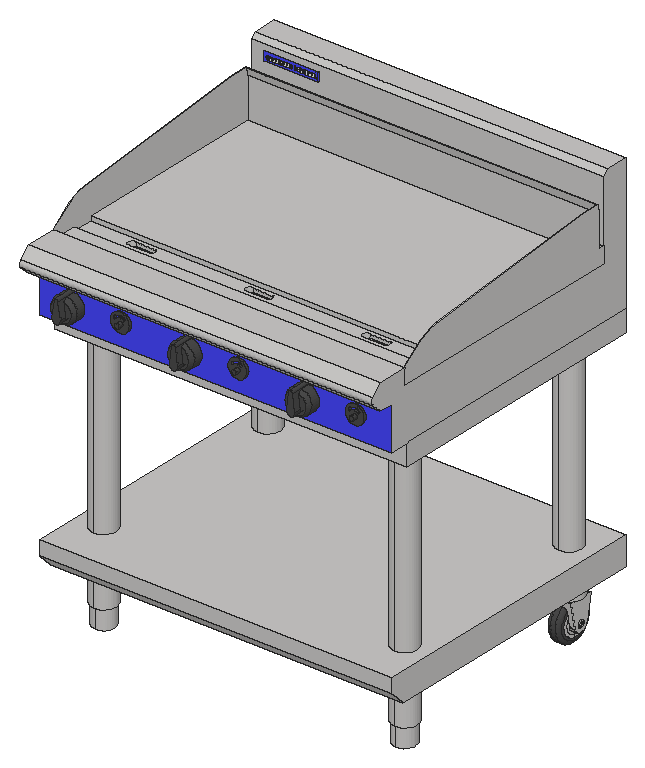
Revit family "QF_MOFFAT_BLUESEAL_CE_G516A-LS", category Specialty Equipment, Revit 2012
Parameters
  Width = 900 mm
  Weight in Pounds = 283  # constant formula
  URL Cutsheet = "www.moffat.com"
  URL = "www.moffat.com"
  Type Mark [instance] = ""
  Status [instance] = ""
  Specification by User [instance] = ""
  Specification by Manufacturer = ""
  Show Logo [instance] = yes
  Show Casters [instance] = yes
  Serial Number = ""
  Seismic Rating = ""
  SMACNA No = ""
  Revision Code [instance] = ""
  Omniclass Number and Title = ""
  NAFEM Spec ID Number = ""
  Model = "G514A-LS"
  Mechanical Remarks = ""
  Mechanical Connection Type = ""
  Masterspec = ""
  Manufacturer = "MOFFAT BLUESEAL"
  Legs [instance] = not(Show Casters)  # no
  Item Number [instance] = ""
  Installed By [instance] = ""
  Identify Quantity as Lot [instance] = yes
  Gas Size = 3/4"
  Gas RI Height = 0 mm
  Gas KW = 18
  Gas Input = 61200.0 Btu/h
  Gas Connection Height = 0 mm
  Furnished By [instance] = ""
  Foodservice Equipment Identifier [instance] = yes
  Description = "900MM GAS GRIDDLE PLATE ON LEG STAND"
  Depth = 812 mm
  CSI MasterFormat = ""
  CSI Master Format = ""
  Base Height [instance] = 150 mm
Reference planes
  plane 1 "BACK": y = 0
  plane 2: z = 0
  plane 3 "LEFT": x = 0
  plane 4 "RIGHT": x = 900
  plane 5 "FRONT": y = -812
  plane 6 "TOP": z = 970
  plane 7 "Center Y": x = 450
  plane 8 "Center X": y = -406
  plane 9 "Base Height": z = 150
  plane 10: z = 915
  plane 11: x = 770
  plane 12: z = 1085
  plane 13: x = 65.354
  plane 14: y = -625
  plane 15: y = -100
  plane 16: x = 834.646
  plane 17: z = 655
Forms (mm)
  Extrusion 1, solid, material "QF_Finishes_Stainless Steel"
    sketch origin (0, 0, 0) x (0, 1, 0) y (0, 0, 1)
      loop
        line (-749, 850) -> (-749, 740) -> (0, 740) -> (0, 1085) -> (-57.5, 1085) -> (-70, 1072.5) -> (-70, 875) -> (-705, 875) -> (-705, 915) -> (-783.97, 915) -> (-808.485, 890.485)
        arc (-808.485, 890.485) -> (-811.999, 882) -> (-808.485, 873.515) r 12
        line (-808.485, 873.515) -> (-784.97, 850) -> (-749, 850)
      loop
        line (0, 685) -> (0, 739.5) -> (-699, 739.5) -> (-699, 685) -> (0, 685)
      loop
        line (0, 222.5) -> (-749, 222.5) -> (-749, 186) -> (-713, 150) -> (0, 150) -> (0, 222.5)
    from 0 to 900
  Revolve 2, solid, material "QF_Finishes_Black"
    sketch origin (90, 7, 600) x (0, 1, 0) y (0, 0, -1)
      loop
        line (-789, -229.5) -> (-766, -229.5) -> (-766, -202) -> (-756, -202) -> (-756, -197) -> (-800, -197) -> (-800, -223.651) -> (-789, -229.5)
      axis (-800, -197) -> (-756, -197)
    angle from 0 to 360
  Extrusion 3, solid, material "QF_Finishes_Black"
    sketch origin (90, -759, 797) x (0, 0, 1) y (1, 0, 0)
      loop
        arc (32.192, -4.965) -> (37.079, 0.034) -> (32.192, 5.033) r 5
        line (32.192, 5.033) -> (-10.726, 10.453)
        arc (-10.726, 10.453) -> (-22.392, 0.618) -> (-11.893, -10.454) r 10.487
        line (-11.893, -10.454) -> (32.192, -4.965)
    from 0 to -49
  Extrusion 4, solid, material "QF_Finishes_Stainless Steel"
    sketch origin (0, 0, 222.5) x (0, -1, 0) y (1, 0, 0)
      loop
        circle (100, 65) r 31.75
      loop
        circle (625, 65) r 31.75
      loop
        circle (100, 835) r 31.75
      loop
        circle (625, 835) r 31.75
    from 0 to 462.5
  Revolve 5, solid, material "QF_Finishes_Stainless Steel", visible <- "Legs"
    sketch origin (65.5, -166, 0) x (0, 1, 0) y (0, 0, 1)
      loop
        line (34.25, 150) -> (34.25, 50) -> (38.5, 50) -> (38.5, 0) -> (66, 0) -> (66, 150) -> (34.25, 150)
      axis (66, 150) -> (66, 0)
    angle from 0 to 360
  Revolve 6, solid, material "QF_Finishes_Stainless Steel"
    sketch origin (65.5, -735, 0) x (0, 1, 0) y (0, 0, 1)
      loop
        line (78.25, 150) -> (78.25, 50) -> (82.5, 50) -> (82.5, 0) -> (110, 0) -> (110, 150) -> (78.25, 150)
      axis (110, 150) -> (110, 0)
    angle from 0 to 360
  Revolve 7, solid, material "QF_Finishes_Stainless Steel", visible <- "Legs"
    sketch origin (834.646, -166, -0.354) x (0, 1, 0) y (0, 0, -1)
      loop
        line (34.25, -150) -> (66, -150) -> (66, -0.354) -> (38.5, -0.354) -> (38.5, -50) -> (34.25, -50) -> (34.25, -150)
      axis (66, -150) -> (66, -0.354)
    angle from 0 to 360
  Revolve 8, solid, material "QF_Finishes_Stainless Steel"
    sketch origin (834.646, -728, -0.354) x (0, 1, 0) y (0, 0, -1)
      loop
        line (71.25, -150) -> (103, -150) -> (103, -0.354) -> (75.5, -0.354) -> (75.5, -50) -> (71.25, -50) -> (71.25, -150)
      axis (103, -150) -> (103, -0.354)
    angle from 0 to 360
  Revolve 9, solid, material "QF_Finishes_Stainless Steel", visible <- "Show Casters"
    sketch origin (16.276, -100.755, -12.8) x (1, 0, 0) y (0, 0, 1)
      loop
        line (14.841, 63.604) -> (83.584, 63.604) -> (83.584, 67.109) -> (82.314, 68.379) -> (80.79, 68.379) -> (80.79, 71.826) -> (68.644, 71.826) -> (68.644, 81.79) -> (65.088, 83.843) -> (63.738, 92.179) -> (65.881, 92.179) -> (65.881, 98.529) -> (65.088, 98.529) -> (65.088, 104.879)
        arc (65.088, 104.879) -> (62.298, 111.614) -> (55.563, 114.404) r 9.525
        line (55.563, 114.404) -> (42.863, 114.404)
        arc (42.863, 114.404) -> (36.127, 111.614) -> (33.338, 104.879) r 9.525
        line (33.338, 104.879) -> (33.338, 98.529) -> (32.544, 98.529) -> (32.544, 92.179) -> (34.687, 92.179) -> (33.352, 83.932) -> (29.782, 81.871) -> (29.782, 71.826) -> (17.635, 71.826) -> (17.635, 68.379) -> (16.111, 68.379) -> (14.841, 67.109) -> (14.841, 63.604)
      axis (14.841, 63.604) -> (83.584, 63.604)
    angle from 0 to 360
  Extrusion 10, solid, material "QF_Finishes_Stainless Steel", visible <- "Show Casters"
    sketch origin (72.001, 132.353, -8.783) x (0, 1, 0) y (0, 0, 1)
      loop
        line (-200.603, 118.783) -> (-264.103, 118.783) -> (-251.746, 53.895)
        arc (-251.746, 53.895) -> (-232.353, 38.783) -> (-212.959, 53.895) r 20
        line (-212.959, 53.895) -> (-200.603, 118.783)
    from -35.667 to 22.923
  Revolve 11, solid, material "QF_Finishes_Stainless Steel", visible <- "Show Casters"
    sketch origin (65.5, -204, 0) x (0, 1, 0) y (0, 0, 1)
      loop
        line (68.25, 150) -> (68.25, 110) -> (104, 110) -> (104, 150) -> (68.25, 150)
      axis (104, 150) -> (104, 110)
    angle from 0 to 360
  Revolve 12, solid, material "QF_Finishes_Stainless Steel", visible <- "Legs"
    sketch origin (65.5, -166, 0) x (0, 1, 0) y (0, 0, 1)
      loop
        line (34.25, 150) -> (34.25, 50) -> (38.5, 50) -> (38.5, 0) -> (66, 0) -> (66, 150) -> (34.25, 150)
      axis (66, 150) -> (66, 0)
    angle from 0 to 360
  Revolve 13, solid, material "QF_Finishes_Stainless Steel", visible <- "Show Casters"
    sketch origin (485.423, -100.755, -12.798) x (1, 0, 0) y (0, 0, 1)
      loop
        line (314.841, 63.604) -> (383.584, 63.604) -> (383.584, 67.109) -> (382.314, 68.379) -> (380.79, 68.379) -> (380.79, 71.826) -> (368.644, 71.826) -> (368.644, 81.79) -> (365.088, 83.843) -> (363.738, 92.179) -> (365.881, 92.179) -> (365.881, 98.529) -> (365.088, 98.529) -> (365.088, 104.879)
        arc (365.088, 104.879) -> (362.298, 111.614) -> (355.563, 114.404) r 9.525
        line (355.563, 114.404) -> (342.863, 114.404)
        arc (342.863, 114.404) -> (336.127, 111.614) -> (333.338, 104.879) r 9.525
        line (333.338, 104.879) -> (333.338, 98.529) -> (332.544, 98.529) -> (332.544, 92.179) -> (334.687, 92.179) -> (333.352, 83.932) -> (329.782, 81.871) -> (329.782, 71.826) -> (317.635, 71.826) -> (317.635, 68.379) -> (316.111, 68.379) -> (314.841, 67.109) -> (314.841, 63.604)
      axis (314.841, 63.604) -> (383.584, 63.604)
    angle from 0 to 360
  Extrusion 14, solid, material "QF_Finishes_Stainless Steel", visible <- "Show Casters"
    sketch origin (841.147, 132.353, -9.137) x (0, 1, 0) y (0, 0, 1)
      loop
        line (-200.603, 118.783) -> (-264.103, 118.783) -> (-251.746, 53.895)
        arc (-251.746, 53.895) -> (-232.353, 38.783) -> (-212.959, 53.895) r 20
        line (-212.959, 53.895) -> (-200.603, 118.783)
    from -35.667 to 22.923
  Revolve 15, solid, material "QF_Finishes_Stainless Steel", visible <- "Show Casters"
    sketch origin (834.646, -204, -0.354) x (0, 1, 0) y (0, 0, 1)
      loop
        line (68.25, 150) -> (68.25, 110) -> (104, 110) -> (104, 150) -> (68.25, 150)
      axis (104, 150) -> (104, 110)
    angle from 0 to 360
  Extrusion 16, solid, material "QF_Finishes_Stainless Steel"
    sketch origin (0, 0, 685) x (-1, 0, 0) y (0, 1, 0)
      loop
        circle (-770, -32) r 6.35
    from 0 to 30
  Revolve 17, solid, material "QF_Finishes_Black"
    sketch origin (390, 7, 600) x (0, 1, 0) y (0, 0, -1)
      loop
        line (-789, -229.5) -> (-766, -229.5) -> (-766, -202) -> (-756, -202) -> (-756, -197) -> (-800, -197) -> (-800, -223.651) -> (-789, -229.5)
      axis (-800, -197) -> (-756, -197)
    angle from 0 to 360
  Extrusion 18, solid, material "QF_Finishes_Black"
    sketch origin (390, -759, 797) x (0, 0, 1) y (1, 0, 0)
      loop
        arc (32.192, -4.965) -> (37.079, 0.034) -> (32.192, 5.033) r 5
        line (32.192, 5.033) -> (-10.726, 10.453)
        arc (-10.726, 10.453) -> (-22.392, 0.618) -> (-11.893, -10.454) r 10.487
        line (-11.893, -10.454) -> (32.192, -4.965)
    from 0 to -49
  Revolve 19, solid, material "QF_Finishes_Black"
    sketch origin (690, 7, 600) x (0, 1, 0) y (0, 0, -1)
      loop
        line (-789, -229.5) -> (-766, -229.5) -> (-766, -202) -> (-756, -202) -> (-756, -197) -> (-800, -197) -> (-800, -223.651) -> (-789, -229.5)
      axis (-800, -197) -> (-756, -197)
    angle from 0 to 360
  Extrusion 20, solid, material "QF_Finishes_Black"
    sketch origin (690, -759, 797) x (0, 0, 1) y (1, 0, 0)
      loop
        arc (32.192, -4.965) -> (37.079, 0.034) -> (32.192, 5.033) r 5
        line (32.192, 5.033) -> (-10.726, 10.453)
        arc (-10.726, 10.453) -> (-22.392, 0.618) -> (-11.893, -10.454) r 10.487
        line (-11.893, -10.454) -> (32.192, -4.965)
    from 0 to -49
  Extrusion 21, solid, material "QF_Finishes_Black"
    sketch origin (0, -749, 850) x (0, 0, -1) y (1, 0, 0)
      loop
        circle (53, 510) r 23.9
      loop
        circle (53, 810) r 23.9
      loop
        circle (53, 210) r 23.9
      loop
        arc (41.701, 224.079) -> (35.116, 209.341) -> (42.919, 195.209) r 18.095
        arc (42.919, 195.209) -> (47.641, 196.491) -> (46.326, 201.204) r 3.448
        arc (46.326, 201.204) -> (42.758, 209.683) -> (45.641, 218.419) r 13.109
        arc (45.641, 218.419) -> (46.501, 223.219) -> (41.701, 224.079) r 3.448
      loop
        arc (45.641, 518.419) -> (46.501, 523.219) -> (41.701, 524.079) r 3.448
        arc (41.701, 524.079) -> (35.116, 509.341) -> (42.919, 495.209) r 18.095
        arc (42.919, 495.209) -> (47.641, 496.491) -> (46.326, 501.204) r 3.448
        arc (46.326, 501.204) -> (42.758, 509.683) -> (45.641, 518.419) r 13.109
      loop
        arc (45.641, 818.419) -> (46.501, 823.219) -> (41.701, 824.079) r 3.448
        arc (41.701, 824.079) -> (35.116, 809.341) -> (42.919, 795.209) r 18.095
        arc (42.919, 795.209) -> (47.641, 796.491) -> (46.326, 801.204) r 3.448
        arc (46.326, 801.204) -> (42.758, 809.683) -> (45.641, 818.419) r 13.109
    from 0 to 5
  Extrusion 22, solid, material "QF_Finishes_Black"
    sketch origin (0, -754, 850) x (0, 0, -1) y (1, 0, 0)
      loop
        circle (56.5, 810) r 5.75
      loop
        circle (56.5, 510) r 5.75
      loop
        circle (56.5, 210) r 5.75
    from 0 to 10
Lines and regions (mm)
  Split face 1
    outline origin (0, -56.5, 1085) x (0, 1, 0) y (-1, 0, 0)
      loop
        line (11.115, -338.041) -> (11.115, -566)
        arc (11.115, -566) -> (16.115, -574.66) -> (26.115, -574.66) r 10
        line (26.115, -574.66) -> (33.115, -570.619)
        arc (33.115, -570.619) -> (36.775, -566.959) -> (38.115, -561.959) r 10
        line (38.115, -561.959) -> (38.115, -334)
        arc (38.115, -334) -> (33.115, -325.34) -> (23.115, -325.34) r 10
        line (23.115, -325.34) -> (16.115, -329.381)
        arc (16.115, -329.381) -> (12.455, -333.041) -> (11.115, -338.041) r 10
  Split face 2
    outline origin (0, -56.5, 1085) x (0, 1, 0) y (-1, 0, 0)
      loop
        line (38.115, -851.959) -> (38.115, -624)
        arc (38.115, -624) -> (33.115, -615.34) -> (23.115, -615.34) r 10
        line (23.115, -615.34) -> (16.115, -619.381)
        arc (16.115, -619.381) -> (12.455, -623.041) -> (11.115, -628.041) r 10
        line (11.115, -628.041) -> (11.115, -856)
        arc (11.115, -856) -> (16.115, -864.66) -> (26.115, -864.66) r 10
        line (26.115, -864.66) -> (33.115, -860.619)
        arc (33.115, -860.619) -> (36.775, -856.959) -> (38.115, -851.959) r 10
  Split face 3
    outline origin (0, -56.5, 1085) x (0, 1, 0) y (-1, 0, 0)
      loop
        line (11.115, -48.041) -> (11.115, -276)
        arc (11.115, -276) -> (16.115, -284.66) -> (26.115, -284.66) r 10
        line (26.115, -284.66) -> (33.115, -280.619)
        arc (33.115, -280.619) -> (36.775, -276.959) -> (38.115, -271.959) r 10
        line (38.115, -271.959) -> (38.115, -44)
        arc (38.115, -44) -> (33.115, -35.34) -> (23.115, -35.34) r 10
        line (23.115, -35.34) -> (16.115, -39.381)
        arc (16.115, -39.381) -> (12.455, -43.041) -> (11.115, -48.041) r 10
  symbolic lines, style "SpecialityEquipmentHiddenLines", visible <- "Show Casters"
    curve 1: line (78.456, -46.735, 0) -> (105.952, -62.61, 0)
    curve 2: line (27.656, -134.723, 0) -> (78.456, -46.735, 0)
    curve 3: line (55.152, -150.598, 0) -> (27.656, -134.723, 0)
    curve 4: line (105.952, -62.61, 0) -> (55.152, -150.598, 0)
    curve 5: line (848.456, -46.735, 0) -> (875.952, -62.61, 0)
    curve 6: line (797.656, -134.723, 0) -> (848.456, -46.735, 0)
    curve 7: line (825.152, -150.598, 0) -> (797.656, -134.723, 0)
    curve 8: line (875.952, -62.61, 0) -> (825.152, -150.598, 0)
  symbolic lines
    curve 9: line (0, -783.97, 0) -> (900, -783.97, 0)
    curve 10: line (0, 0, 0) -> (0, -811.999, 0)
    curve 11: line (900, -811.999, 0) -> (900, 0, 0)
    curve 12: line (900, -811.999, 0) -> (0, -811.999, 0)
    curve 13: line (0, -70, 0) -> (900, -70, 0)
    curve 14: line (0, -57.5, 0) -> (900, -57.5, 0)
    curve 15: line (900, 0, 0) -> (0, 0, 0)
    curve 16: line (561.959, -18.385, 0) -> (334, -18.385, 0)
    curve 17: arc (334, -18.385, 0) -> (325.34, -23.385, 0) -> (325.34, -33.385, 0) r 10
    curve 18: line (325.34, -33.385, 0) -> (329.381, -40.385, 0)
    curve 19: arc (329.381, -40.385, 0) -> (333.041, -44.045, 0) -> (338.041, -45.385, 0) r 10
    curve 20: line (338.041, -45.385, 0) -> (566, -45.385, 0)
    curve 21: arc (566, -45.385, 0) -> (574.66, -40.385, 0) -> (574.66, -30.385, 0) r 10
    curve 22: line (574.66, -30.385, 0) -> (570.619, -23.385, 0)
    curve 23: arc (570.619, -23.385, 0) -> (566.959, -19.725, 0) -> (561.959, -18.385, 0) r 10
    curve 24: line (851.959, -18.385, 0) -> (624, -18.385, 0)
    curve 25: arc (624, -18.385, 0) -> (615.34, -23.385, 0) -> (615.34, -33.385, 0) r 10
    curve 26: line (615.34, -33.385, 0) -> (619.381, -40.385, 0)
    curve 27: arc (619.381, -40.385, 0) -> (623.041, -44.045, 0) -> (628.041, -45.385, 0) r 10
    curve 28: line (628.041, -45.385, 0) -> (856, -45.385, 0)
    curve 29: arc (856, -45.385, 0) -> (864.66, -40.385, 0) -> (864.66, -30.385, 0) r 10
    curve 30: line (864.66, -30.385, 0) -> (860.619, -23.385, 0)
    curve 31: arc (860.619, -23.385, 0) -> (856.959, -19.725, 0) -> (851.959, -18.385, 0) r 10
    curve 32: line (271.959, -18.385, 0) -> (44, -18.385, 0)
    curve 33: arc (44, -18.385, 0) -> (35.34, -23.385, 0) -> (35.34, -33.385, 0) r 10
    curve 34: line (35.34, -33.385, 0) -> (39.381, -40.385, 0)
    curve 35: arc (39.381, -40.385, 0) -> (43.041, -44.045, 0) -> (48.041, -45.385, 0) r 10
    curve 36: line (48.041, -45.385, 0) -> (276, -45.385, 0)
    curve 37: arc (276, -45.385, 0) -> (284.66, -40.385, 0) -> (284.66, -30.385, 0) r 10
    curve 38: line (284.66, -30.385, 0) -> (280.619, -23.385, 0)
    curve 39: arc (280.619, -23.385, 0) -> (276.959, -19.725, 0) -> (271.959, -18.385, 0) r 10
    curve 40: line (0, -705, 0) -> (900, -705, 0)
Dimensions and locks
  equal spacing: plane 3 "LEFT", plane 7 "Center Y", plane 4 "RIGHT"
  "Width": plane 3 "LEFT" to plane 4 "RIGHT"
  equal spacing: plane 5 "FRONT", plane 8 "Center X", plane 1 "BACK"
  "Depth": plane 5 "FRONT" to plane 1 "BACK"
  equal spacing: plane 4 "RIGHT", plane 7 "Center Y", plane 3 "LEFT"
  plane 4 "RIGHT" to plane 3 "LEFT" = 900 mm
  plane 5 "FRONT" to plane 1 "BACK" = 812 mm
  "Base Height": plane 9 "Base Height" to level
  plane 6 "TOP" to level = 970 mm
  plane 10 to level = 915 mm
  plane 11 to plane 4 "RIGHT" = 130 mm
  plane 12 to plane 2 = 1085 mm
  Revolve 9 sketch curve to Revolve 9 sketch curve = 50.8 mm
  Revolve 13 sketch curve to Revolve 13 sketch curve = 50.8 mm
  plane 15 to plane 14 = 525 mm
  plane 17 to plane 2 = 655 mm
  Extrusion 16 sketch curve to plane 1 "BACK" = 32 mm
  aligned and locked: level to plane 2
Automatic sketch dimensions
  plane 1 "BACK" to curve 15 = 0 mm
  curve 15 to plane 3 "LEFT" = 0 mm
  curve 11 to plane 4 "RIGHT" = 0 mm
  plane 3 "LEFT" to curve 2 = 27.656 mm
  plane 13 to curve 34 = 30.014 mm
  curve 34 to curve 34 = 4.041 mm
  curve 33 to curve 33 = 8.66 mm
  curve 34 to curve 35 = 8.66 mm
  plane 13 to curve 3 = 10.202 mm
  curve 1 to plane 13 = 13.102 mm
  plane 1 "BACK" to curve 39 = 18.385 mm
  curve 1 to curve 39 = 166.007 mm
  curve 39 to curve 37 = 4.041 mm
  curve 32 to curve 39 = 8.66 mm
  plane 1 "BACK" to curve 38 = 30.385 mm
  curve 38 to curve 38 = 4.041 mm
  plane 1 "BACK" to curve 18 = 33.385 mm
  curve 38 to curve 18 = 40.679 mm
  curve 18 to curve 19 = 4.041 mm
  curve 17 to curve 16 = 8.66 mm
  curve 17 to curve 19 = 4.041 mm
  plane 1 "BACK" to curve 23 = 28.385 mm
  plane 7 "Center Y" to curve 23 = 111.959 mm
  curve 23 to curve 20 = 4.041 mm
  curve 16 to curve 23 = 8.66 mm
  curve 23 to curve 21 = 4.041 mm
  plane 1 "BACK" to curve 26 = 33.385 mm
  curve 22 to curve 26 = 40.679 mm
  curve 26 to curve 27 = 4.041 mm
  curve 25 to curve 24 = 8.66 mm
  curve 26 to curve 27 = 8.66 mm
  plane 11 to curve 6 = 27.656 mm
  curve 8 to plane 16 = 9.494 mm
  plane 16 to curve 6 = 13.809 mm
  plane 16 to curve 24 = 17.312 mm
  curve 5 to curve 28 = 7.544 mm
  curve 31 to curve 31 = 8.66 mm
  curve 31 to curve 29 = 4.041 mm
  curve 33 to curve 32 = 15 mm
  curve 27 to curve 25 = 2 mm
  curve 37 to curve 37 = 5 mm
  curve 35 to curve 33 = 7 mm
  plane 1 "BACK" to curve 29 = 35.385 mm
  curve 21 to curve 23 = 7 mm
  curve 19 to curve 17 = 2 mm
  curve 27 to curve 26 = 7 mm
  curve 18 to curve 18 = 7 mm
  curve 1 to curve 36 = 1.35 mm
  curve 6 to curve 28 = 1.35 mm
  curve 14 to plane 15 = 42.5 mm
  curve 5 to curve 14 = 5.11 mm
  curve 4 to curve 1 = 15.875 mm
  curve 13 to curve 14 = 12.5 mm
  plane 14 to curve 40 = 80 mm
  curve 9 to plane 5 "FRONT" = 28.03 mm
  curve 12 to plane 5 "FRONT" = 0.001 mm
  curve 27 to curve 25 = 7 mm
  curve 19 to curve 17 = 7 mm
  curve 29 to curve 31 = 7 mm
  curve 37 to curve 39 = 7 mm
  plane 10 to Extrusion 1 sketch curve = 0 mm
  Extrusion 1 sketch curve to plane 9 "Base Height" = 0 mm
  plane 12 to Extrusion 1 sketch curve = 0 mm
  Extrusion 1 sketch curve to plane 1 "BACK" = 0 mm  (x3)
  Extrusion 1 sketch curve to plane 15 = 42.5 mm
  plane 12 to Extrusion 1 sketch curve = 12.5 mm
  Extrusion 1 sketch curve to Extrusion 1 sketch curve = 12.5 mm
  plane 17 to Extrusion 1 sketch curve = 30 mm
  plane 14 to Extrusion 1 sketch curve = 74 mm
  plane 14 to Extrusion 1 sketch curve = 80 mm
  plane 14 to Extrusion 1 sketch curve = 88 mm
  Extrusion 1 sketch curve to Extrusion 1 sketch curve = 44 mm
  Extrusion 1 sketch curve to Extrusion 1 sketch curve = 36 mm
  Extrusion 1 sketch curve to plane 5 "FRONT" = 28.03 mm
  Extrusion 1 sketch curve to plane 5 "FRONT" = 27.03 mm
  Extrusion 1 sketch curve to plane 5 "FRONT" = 12.001 mm
  Extrusion 1 sketch curve to plane 5 "FRONT" = 3.515 mm  (x2)
  plane 9 "Base Height" to Extrusion 1 sketch curve = 36 mm
  plane 9 "Base Height" to Extrusion 1 sketch curve = 72.5 mm
  Extrusion 1 sketch curve to Extrusion 1 sketch curve = 54.5 mm
  Extrusion 1 sketch curve to Extrusion 1 sketch curve = 0.5 mm
  plane 10 to Extrusion 1 sketch curve = 65 mm
  Extrusion 1 sketch curve to Extrusion 1 sketch curve = 23.515 mm
  plane 10 to Extrusion 1 sketch curve = 40 mm
  Extrusion 1 sketch curve to Extrusion 1 sketch curve = 8.485 mm
  Revolve 2 sketch curve to plane 5 "FRONT" = 19 mm
  Revolve 2 sketch curve to Revolve 2 sketch curve = 0 mm  (x2)
  Revolve 2 sketch curve to Revolve 2 sketch curve = 11 mm
  Revolve 2 sketch curve to Revolve 2 sketch curve = 12.7 mm
  Revolve 2 sketch curve to Revolve 2 sketch curve = 23 mm
  Revolve 2 sketch curve to Revolve 2 sketch curve = 10 mm
  plane 10 to Revolve 2 sketch curve = 85.5 mm
  Revolve 2 sketch curve to Revolve 2 sketch curve = 5.849 mm
  Revolve 2 sketch curve to Revolve 2 sketch curve = 27.5 mm
  Revolve 2 sketch curve to Revolve 2 sketch curve = 5 mm
  Extrusion 3 sketch curve to Revolve 2 = 0.034 mm  (x2)
  Revolve 2 to Extrusion 3 sketch curve = 10.454 mm
  Extrusion 3 sketch curve to Extrusion 3 sketch curve = 0.028 mm
  Extrusion 3 sketch curve to Revolve 2 = 10.453 mm
  Extrusion 3 sketch curve to Extrusion 3 sketch curve = 44 mm
  Extrusion 3 sketch curve to Revolve 2 = 5.033 mm
  Extrusion 3 sketch curve to Extrusion 3 sketch curve = 0.113 mm
  Revolve 2 to Extrusion 3 sketch curve = 4.965 mm
  Extrusion 4 sketch curve to Extrusion 4 sketch curve = 0 mm  (x8)
  Extrusion 1 to Extrusion 4 sketch curve = 68.25 mm  (x2)
  Extrusion 4 sketch curve to Extrusion 4 sketch curve = 31.75 mm  (x4)
  Extrusion 4 sketch curve to Extrusion 1 = 155.75 mm  (x2)
  Extrusion 1 to Extrusion 4 sketch curve = 65 mm  (x4)
  Revolve 5 sketch curve to plane 9 "Base Height" = 0 mm
  Revolve 5 sketch curve to level = 0 mm
  Revolve 5 sketch curve to plane 15 = 0 mm  (x2)
  plane 15 to Revolve 5 sketch curve = 27.5 mm
  plane 15 to Revolve 5 sketch curve = 31.75 mm
  Revolve 5 sketch curve to Revolve 5 sketch curve = 55 mm
  level to Revolve 5 sketch curve = 50 mm
  Revolve 5 sketch curve to Revolve 5 sketch curve = 0 mm
  Revolve 6 sketch curve to plane 9 "Base Height" = 0 mm
  Revolve 6 sketch curve to level = 0 mm
  Revolve 6 sketch curve to plane 14 = 0 mm  (x2)
  Revolve 6 sketch curve to Revolve 6 sketch curve = 27.5 mm
  Revolve 6 sketch curve to Revolve 6 sketch curve = 31.75 mm
  Revolve 6 sketch curve to Revolve 6 sketch curve = 55 mm
  level to Revolve 6 sketch curve = 50 mm
  Revolve 6 sketch curve to Revolve 6 sketch curve = 0 mm
  Revolve 7 sketch curve to level = 0 mm
  Revolve 7 sketch curve to plane 15 = 0 mm  (x2)
  plane 15 to Revolve 7 sketch curve = 27.5 mm
  Revolve 7 sketch curve to plane 9 "Base Height" = 0.354 mm
  plane 15 to Revolve 7 sketch curve = 31.75 mm
  level to Revolve 7 sketch curve = 49.646 mm
  Revolve 7 sketch curve to Revolve 7 sketch curve = 0 mm
  Revolve 7 sketch curve to level = 55.354 mm
  Revolve 8 sketch curve to level = 0 mm
  Revolve 8 sketch curve to plane 14 = 0 mm  (x2)
  Revolve 8 sketch curve to Revolve 8 sketch curve = 27.5 mm
  Revolve 8 sketch curve to plane 9 "Base Height" = 0.354 mm
  plane 14 to Revolve 8 sketch curve = 31.75 mm
  level to Revolve 8 sketch curve = 49.646 mm
  Revolve 8 sketch curve to Revolve 8 sketch curve = 0 mm
  Revolve 8 sketch curve to Revolve 8 sketch curve = 55.354 mm
  plane 3 "LEFT" to Revolve 9 sketch curve = 31.118 mm
  Revolve 9 sketch curve to Revolve 9 sketch curve = 1.27 mm  (x4)
  Revolve 9 sketch curve to Revolve 9 sketch curve = 1.524 mm  (x2)
  Revolve 9 sketch curve to Revolve 9 sketch curve = 12.146 mm  (x2)
  plane 13 to Revolve 9 sketch curve = 16.533 mm
  Revolve 9 sketch curve to Revolve 9 sketch curve = 0.794 mm  (x2)
  Revolve 9 sketch curve to Revolve 9 sketch curve = 3.57 mm
  Revolve 9 sketch curve to Revolve 9 sketch curve = 2.143 mm
  plane 13 to Revolve 9 sketch curve = 6.215 mm
  Revolve 9 sketch curve to plane 13 = 5.276 mm
  Revolve 9 sketch curve to plane 13 = 6.485 mm
  Revolve 9 sketch curve to plane 13 = 14.661 mm
  Revolve 9 sketch curve to Revolve 9 sketch curve = 1.349 mm  (x2)
  Revolve 9 sketch curve to Revolve 9 sketch curve = 3.556 mm
  Revolve 9 sketch curve to Revolve 9 sketch curve = 33.32 mm
  level to Revolve 9 sketch curve = 50.804 mm
  Revolve 9 sketch curve to Revolve 9 sketch curve = 0 mm
  Revolve 9 sketch curve to Revolve 9 sketch curve = 3.505 mm  (x2)
  Revolve 9 sketch curve to Revolve 9 sketch curve = 3.447 mm  (x2)
  Revolve 9 sketch curve to Revolve 9 sketch curve = 9.964 mm
  Revolve 9 sketch curve to Revolve 9 sketch curve = 10.045 mm
  Revolve 9 sketch curve to Revolve 9 sketch curve = 2.053 mm
  Revolve 9 sketch curve to Revolve 9 sketch curve = 2.061 mm
  Revolve 9 sketch curve to Revolve 9 sketch curve = 8.247 mm
  Revolve 9 sketch curve to Revolve 9 sketch curve = 8.336 mm
  Revolve 9 sketch curve to Revolve 9 sketch curve = 6.35 mm  (x2)
  Extrusion 10 sketch curve to plane 15 = 0 mm
  plane 15 to Extrusion 10 sketch curve = 19.393 mm
  plane 15 to Extrusion 10 sketch curve = 31.75 mm
  Extrusion 10 sketch curve to plane 15 = 19.393 mm
  Extrusion 10 sketch curve to plane 15 = 31.75 mm
  level to Extrusion 10 sketch curve = 45.111 mm
  Extrusion 10 sketch curve to Extrusion 10 sketch curve = 4.889 mm
  Extrusion 10 sketch curve to plane 9 "Base Height" = 40 mm
  Revolve 11 sketch curve to plane 9 "Base Height" = 0 mm
  Revolve 11 sketch curve to plane 15 = 0 mm  (x2)
  plane 15 to Revolve 11 sketch curve = 35.75 mm
  Revolve 11 sketch curve to Revolve 11 sketch curve = 40 mm
  level to Revolve 11 sketch curve = 50 mm
  Revolve 11 sketch curve to level = 55 mm
  Revolve 12 sketch curve to plane 9 "Base Height" = 0 mm
  Revolve 12 sketch curve to level = 0 mm
  Revolve 12 sketch curve to plane 15 = 0 mm  (x2)
  plane 15 to Revolve 12 sketch curve = 27.5 mm
  plane 15 to Revolve 12 sketch curve = 31.75 mm
  Revolve 12 sketch curve to Revolve 12 sketch curve = 55 mm
  level to Revolve 12 sketch curve = 50 mm
  Revolve 12 sketch curve to Revolve 12 sketch curve = 0 mm
  plane 11 to Revolve 13 sketch curve = 30.264 mm
  Revolve 13 sketch curve to Revolve 13 sketch curve = 1.27 mm  (x4)
  Revolve 13 sketch curve to Revolve 13 sketch curve = 1.524 mm  (x2)
  Revolve 13 sketch curve to Revolve 13 sketch curve = 12.146 mm  (x2)
  Revolve 13 sketch curve to plane 16 = 16.68 mm
  Revolve 13 sketch curve to Revolve 13 sketch curve = 0.794 mm  (x2)
  Revolve 13 sketch curve to Revolve 13 sketch curve = 3.57 mm
  Revolve 13 sketch curve to Revolve 13 sketch curve = 2.143 mm
  Revolve 13 sketch curve to plane 16 = 6.361 mm
  plane 16 to Revolve 13 sketch curve = 5.13 mm
  plane 16 to Revolve 13 sketch curve = 6.339 mm
  plane 16 to Revolve 13 sketch curve = 14.515 mm
  Revolve 13 sketch curve to Revolve 13 sketch curve = 1.349 mm  (x2)
  Revolve 13 sketch curve to Revolve 13 sketch curve = 3.556 mm
  Revolve 13 sketch curve to plane 4 "RIGHT" = 2.327 mm
  level to Revolve 13 sketch curve = 50.806 mm
  Revolve 13 sketch curve to Revolve 13 sketch curve = 0 mm
  Revolve 13 sketch curve to Revolve 13 sketch curve = 3.505 mm  (x2)
  Revolve 13 sketch curve to Revolve 13 sketch curve = 3.447 mm  (x2)
  Revolve 13 sketch curve to Revolve 13 sketch curve = 9.964 mm
  Revolve 13 sketch curve to Revolve 13 sketch curve = 10.045 mm
  Revolve 13 sketch curve to Revolve 13 sketch curve = 2.053 mm
  Revolve 13 sketch curve to Revolve 13 sketch curve = 2.061 mm
  Revolve 13 sketch curve to Revolve 13 sketch curve = 8.247 mm
  Revolve 13 sketch curve to Revolve 13 sketch curve = 8.336 mm
  Revolve 13 sketch curve to Revolve 13 sketch curve = 6.35 mm  (x2)
  Extrusion 14 sketch curve to plane 15 = 0 mm
  plane 15 to Extrusion 14 sketch curve = 19.393 mm
  plane 15 to Extrusion 14 sketch curve = 31.75 mm
  Extrusion 14 sketch curve to plane 15 = 19.393 mm
  Extrusion 14 sketch curve to plane 15 = 31.75 mm
  level to Extrusion 14 sketch curve = 44.758 mm
  Extrusion 14 sketch curve to Extrusion 14 sketch curve = 4.889 mm
  Extrusion 14 sketch curve to plane 9 "Base Height" = 40.354 mm
  Revolve 15 sketch curve to plane 15 = 0 mm  (x2)
  Revolve 15 sketch curve to plane 9 "Base Height" = 0.354 mm
  plane 15 to Revolve 15 sketch curve = 35.75 mm
  Revolve 15 sketch curve to Revolve 15 sketch curve = 40 mm
  level to Revolve 15 sketch curve = 49.646 mm
  Revolve 15 sketch curve to level = 55.354 mm
  Extrusion 16 sketch curve to Extrusion 16 sketch curve = 0 mm
  Extrusion 16 sketch curve to Extrusion 1 = 38.35 mm
  Extrusion 16 sketch curve to Extrusion 1 = 130 mm
  Split face 1 sketch curve to Extrusion 1 = 12.115 mm
  Split face 1 sketch curve to Split face 1 sketch curve = 5 mm  (x2)
  Split face 1 sketch curve to Split face 1 sketch curve = 10 mm  (x3)
  Split face 1 sketch curve to Split face 1 sketch curve = 7 mm  (x4)
  Split face 1 sketch curve to Extrusion 1 = 325.34 mm
  Split face 1 sketch curve to Split face 1 sketch curve = 4.041 mm  (x2)
  Split face 1 sketch curve to Split face 1 sketch curve = 223.917 mm
  Split face 2 sketch curve to Extrusion 1 = 12.115 mm
  Split face 2 sketch curve to Split face 2 sketch curve = 5 mm  (x2)
  Split face 2 sketch curve to Split face 2 sketch curve = 10 mm  (x3)
  Split face 2 sketch curve to Split face 2 sketch curve = 7 mm  (x4)
  Split face 2 sketch curve to Extrusion 1 = 35.34 mm
  Split face 2 sketch curve to Split face 2 sketch curve = 4.041 mm  (x2)
  Split face 2 sketch curve to Split face 2 sketch curve = 223.917 mm
  Split face 3 sketch curve to Extrusion 1 = 12.115 mm
  Split face 3 sketch curve to Split face 3 sketch curve = 5 mm  (x3)
  Split face 3 sketch curve to Split face 3 sketch curve = 10 mm  (x2)
  Split face 3 sketch curve to Split face 3 sketch curve = 7 mm  (x4)
  Split face 3 sketch curve to Extrusion 1 = 284.66 mm
  Split face 3 sketch curve to Split face 3 sketch curve = 4.041 mm  (x2)
  Split face 3 sketch curve to Extrusion 1 = 48.041 mm
  Revolve 17 sketch curve to plane 5 "FRONT" = 19 mm
  Revolve 17 sketch curve to Revolve 17 sketch curve = 0 mm  (x2)
  Revolve 17 sketch curve to Revolve 17 sketch curve = 11 mm
  Revolve 17 sketch curve to Revolve 17 sketch curve = 12.7 mm
  Revolve 17 sketch curve to Revolve 17 sketch curve = 23 mm
  Revolve 17 sketch curve to Revolve 17 sketch curve = 10 mm
  plane 10 to Revolve 17 sketch curve = 85.5 mm
  Revolve 17 sketch curve to Revolve 17 sketch curve = 5.849 mm
  Revolve 17 sketch curve to Revolve 17 sketch curve = 27.5 mm
  Revolve 17 sketch curve to Revolve 17 sketch curve = 5 mm
  Extrusion 18 sketch curve to Revolve 17 = 0.034 mm  (x2)
  Revolve 17 to Extrusion 18 sketch curve = 10.454 mm
  Extrusion 18 sketch curve to Extrusion 18 sketch curve = 0.028 mm
  Extrusion 18 sketch curve to Revolve 17 = 10.453 mm
  Extrusion 18 sketch curve to Extrusion 18 sketch curve = 44 mm
  Extrusion 18 sketch curve to Revolve 17 = 5.033 mm
  Extrusion 18 sketch curve to Extrusion 18 sketch curve = 0.113 mm
  Revolve 17 to Extrusion 18 sketch curve = 4.965 mm
  Revolve 19 sketch curve to plane 5 "FRONT" = 19 mm
  Revolve 19 sketch curve to Revolve 19 sketch curve = 0 mm  (x2)
  Revolve 19 sketch curve to Revolve 19 sketch curve = 11 mm
  Revolve 19 sketch curve to Revolve 19 sketch curve = 12.7 mm
  Revolve 19 sketch curve to Revolve 19 sketch curve = 23 mm
  Revolve 19 sketch curve to Revolve 19 sketch curve = 10 mm
  plane 10 to Revolve 19 sketch curve = 85.5 mm
  Revolve 19 sketch curve to Revolve 19 sketch curve = 5.849 mm
  Revolve 19 sketch curve to Revolve 19 sketch curve = 27.5 mm
  Revolve 19 sketch curve to Revolve 19 sketch curve = 5 mm
  Extrusion 20 sketch curve to Revolve 19 = 0.034 mm  (x2)
  Revolve 19 to Extrusion 20 sketch curve = 10.454 mm
  Extrusion 20 sketch curve to Extrusion 20 sketch curve = 0.028 mm
  Extrusion 20 sketch curve to Revolve 19 = 10.453 mm
  Extrusion 20 sketch curve to Extrusion 20 sketch curve = 44 mm
  Extrusion 20 sketch curve to Revolve 19 = 5.033 mm
  Extrusion 20 sketch curve to Extrusion 20 sketch curve = 0.113 mm
  Revolve 19 to Extrusion 20 sketch curve = 4.965 mm
  Extrusion 21 sketch curve to Extrusion 1 = 41.701 mm
  Extrusion 21 sketch curve to Extrusion 21 sketch curve = 1.218 mm
  Extrusion 21 sketch curve to Extrusion 21 sketch curve = 1.97 mm  (x6)
  Extrusion 21 sketch curve to Extrusion 21 sketch curve = 1.724 mm  (x3)
  Extrusion 21 sketch curve to Extrusion 21 sketch curve = 1.683 mm  (x3)
  Extrusion 21 sketch curve to Extrusion 21 sketch curve = 6.674 mm
  Extrusion 21 sketch curve to Extrusion 1 = 53 mm  (x2)
  Extrusion 21 sketch curve to Extrusion 21 sketch curve = 0.195 mm  (x3)
  Extrusion 21 sketch curve to Extrusion 21 sketch curve = 2.662 mm  (x3)
  Extrusion 1 to Extrusion 21 sketch curve = 195.209 mm
  Extrusion 21 sketch curve to Extrusion 21 sketch curve = 2.986 mm  (x3)
  Extrusion 21 sketch curve to Extrusion 21 sketch curve = 8.796 mm
  Extrusion 21 sketch curve to Extrusion 21 sketch curve = 0.103 mm  (x3)
  Extrusion 21 sketch curve to Extrusion 21 sketch curve = 0.102 mm  (x3)
  Extrusion 21 sketch curve to Extrusion 21 sketch curve = 285.921 mm
  Extrusion 1 to Extrusion 21 sketch curve = 90 mm
  Extrusion 21 sketch curve to Extrusion 21 sketch curve = 11.299 mm  (x2)
  Extrusion 21 sketch curve to Extrusion 21 sketch curve = 10.081 mm  (x2)
  Extrusion 21 sketch curve to Extrusion 21 sketch curve = 14.791 mm  (x2)
  radius of Extrusion 21 sketch curve = 23.9 mm  (x3)
Nested families
  nested 1: "WALDORF LOGO_FACE BASE" at (32, -70, 1057.475) x (1, 0, 0) z (0, -1, 0), visible <- "Show Logo", type "WALDORF LOGO_FACE BASE", detail levels medium+fine
    with Show Logo yes
  nested 2: "GAS GRIDDLE PLATE 900" at (0, -85.003, 875), type "GAS GRIDDLE PLATE 900"
    with Width 900 mm, Type Mark "", Status "", Specification by User "", Revision Code "", Item Number "", Installed By "", Identify Quantity as Lot yes, Furnished By "", Foodservice Equipment Identifier yes, Depth 620 mm
Connectors
  piping at (770, -32, 655)
    settings: on Extrusion 16, index 1, connector radius 0.37402", flow factor 0, pipe flow 0 GPM, pressure drop 0.00 psi, fitting loss kfactor 0, connector angle 0.00°, fixture units 0, engagement length 0 mm, flow configuration 1, flow direction 1, fitting loss method 0, system type 7, joint type 0, gender type 0, connector reference index -1, connector utility 0, adjustable connector no, is connector primary yes, fitting loss table "", connector description "GAS CONNECTION"
Definition of nested family "WALDORF LOGO_FACE BASE"
  Parameters (values of type "WALDORF LOGO_FACE BASE")
    Show Logo [instance] = yes
    Default Elevation = 1219.2 mm
  Reference planes
    plane 1 "Center (Front/Back)": y = 0
    plane 2: z = 0
    plane 3 "Center (Left/Right)": x = 0
  Forms (mm)
    Extrusion 1, solid
      sketch origin (0, 0, 0) x (1, 0, 0) y (0, 1, 0)
        loop
          line (-1219.2, 1219.2) -> (-1219.2, -1219.2) -> (1219.2, -1219.2) -> (1219.2, 1219.2) -> (-1219.2, 1219.2)
      from 0 to -304.8
    Extrusion 2, solid, material "QF_Finishes_Blue", visible <- "Show Logo"
      sketch origin (0, -33.217, 0) x (1, 0, 0) y (0, 1, 0)
        loop
          arc (138, 31.942) -> (137.626, 32.844) -> (136.724, 33.217) r 1.276
          line (136.724, 33.217) -> (1.29, 33.217)
          arc (1.29, 33.217) -> (0.378, 32.839) -> (0, 31.927) r 1.29
          line (0, 31.927) -> (0, 11.507)
          arc (0, 11.507) -> (0.378, 10.595) -> (1.29, 10.217) r 1.29
          line (1.29, 10.217) -> (136.71, 10.217)
          arc (136.71, 10.217) -> (137.622, 10.595) -> (138, 11.507) r 1.29
          line (138, 11.507) -> (138, 31.942)
      from 0 to 1.588
    Extrusion 3, solid, material "QF_Finishes_White", visible <- "Show Logo"
      sketch origin (0, -33.217, 1.588) x (1, 0, 0) y (0, 1, 0)
        loop
          arc (108.946, 25.919) -> (107.613, 25.367) -> (107.061, 24.034) r 1.885
          line (107.061, 24.034) -> (107.061, 17.211) -> (112.704, 17.211) -> (112.704, 19.129) -> (115.546, 19.129) -> (115.546, 17.211) -> (121.584, 17.211) -> (121.584, 24.075)
          arc (121.584, 24.075) -> (121.043, 25.379) -> (119.739, 25.919) r 1.845
          line (119.739, 25.919) -> (108.946, 25.919)
        loop
          line (123.478, 25.919) -> (123.478, 17.163) -> (134.904, 17.163) -> (134.904, 19.129) -> (129.246, 19.129) -> (129.246, 25.919) -> (123.478, 25.919)
        loop
          line (112.704, 21.258) -> (115.546, 21.258) -> (115.546, 22.702)
          arc (115.546, 22.702) -> (115.344, 23.188) -> (114.858, 23.389) r 0.687
          line (114.858, 23.389) -> (113.363, 23.389)
          arc (113.363, 23.389) -> (112.897, 23.196) -> (112.704, 22.73) r 0.658
          line (112.704, 22.73) -> (112.704, 21.258)
        loop
          line (105.071, 25.919) -> (93.771, 25.919) -> (93.771, 17.163) -> (105.071, 17.163) -> (105.071, 19.063) -> (99.535, 19.063) -> (99.535, 20.437) -> (105.071, 20.437) -> (105.071, 22.278) -> (99.535, 22.278) -> (99.535, 23.587) -> (105.071, 23.587) -> (105.071, 25.919)
        loop
          line (91.104, 25.919) -> (79.541, 25.919)
          arc (79.541, 25.919) -> (78.558, 25.513) -> (78.152, 24.53) r 1.389
          line (78.152, 24.53) -> (78.152, 22.08)
          arc (78.152, 22.08) -> (78.558, 21.098) -> (79.541, 20.691) r 1.389
          line (79.541, 20.691) -> (86.346, 20.691) -> (86.346, 18.864) -> (83.266, 18.864) -> (83.266, 19.664) -> (78.152, 19.664) -> (78.152, 18.553)
          arc (78.152, 18.553) -> (78.558, 17.57) -> (79.541, 17.163) r 1.389
          line (79.541, 17.163) -> (91.063, 17.163)
          arc (91.063, 17.163) -> (92.045, 17.57) -> (92.452, 18.553) r 1.389
          line (92.452, 18.553) -> (92.452, 20.691)
          arc (92.452, 20.691) -> (92.045, 21.673) -> (91.063, 22.08) r 1.389
          line (91.063, 22.08) -> (83.266, 22.08) -> (83.266, 23.984) -> (86.346, 23.984) -> (86.346, 22.743) -> (92.452, 22.743) -> (92.452, 24.571)
          arc (92.452, 24.571) -> (92.057, 25.524) -> (91.104, 25.919) r 1.348
        loop
          line (70.705, 25.919) -> (59.405, 25.919) -> (59.405, 17.163) -> (70.705, 17.163) -> (70.705, 19.063) -> (65.169, 19.063) -> (65.169, 20.437) -> (70.705, 20.437) -> (70.705, 22.278) -> (65.169, 22.278) -> (65.169, 23.587) -> (70.705, 23.587) -> (70.705, 25.919)
        loop
          line (57.598, 25.919) -> (51.7, 25.919) -> (51.7, 20.18)
          arc (51.7, 20.18) -> (50.63, 19.11) -> (49.56, 20.18) r 1.07
          line (49.56, 20.18) -> (49.56, 25.919) -> (43.663, 25.919) -> (43.663, 19.049)
          arc (43.663, 19.049) -> (44.215, 17.716) -> (45.548, 17.163) r 1.885
          line (45.548, 17.163) -> (55.71, 17.163)
          arc (55.71, 17.163) -> (57.045, 17.716) -> (57.598, 19.051) r 1.887
          line (57.598, 19.051) -> (57.598, 25.919)
        loop
          line (31.62, 25.919) -> (31.62, 17.163) -> (43.046, 17.163) -> (43.046, 19.129) -> (37.388, 19.129) -> (37.388, 25.919) -> (31.62, 25.919)
        loop
          line (15.969, 25.919) -> (15.969, 17.163) -> (28.693, 17.163)
          arc (28.693, 17.163) -> (29.812, 17.627) -> (30.276, 18.746) r 1.582
          line (30.276, 18.746) -> (30.276, 20.447) -> (29.48, 21.243) -> (30.276, 22.039) -> (30.276, 24.332)
          arc (30.276, 24.332) -> (29.811, 25.454) -> (28.688, 25.919) r 1.587
          line (28.688, 25.919) -> (15.969, 25.919)
        loop
          line (21.449, 24.159) -> (21.449, 22.436) -> (23.862, 22.436)
          arc (23.862, 22.436) -> (24.723, 23.298) -> (23.862, 24.159) r 0.861
          line (23.862, 24.159) -> (21.449, 24.159)
        loop
          line (21.449, 20.244) -> (21.449, 18.522) -> (23.862, 18.522)
          arc (23.862, 18.522) -> (24.723, 19.383) -> (23.862, 20.244) r 0.861
          line (23.862, 20.244) -> (21.449, 20.244)
      from 0 to 0.2
    Extrusion 4, solid, material "QF_Finishes_Blue", visible <- "Show Logo"
      sketch origin (-126.498, -31.09, 1.588) x (1, 0, 0) y (0, 1, 0)
        loop
          line (136.738, 23.522) -> (136.738, 15.1)
          arc (136.738, 15.1) -> (140.756, 19.311) -> (136.738, 23.522) r 4.216
      from 0 to 0.2
    Extrusion 5, solid, material "QF_Finishes_Red", visible <- "Show Logo"
      sketch origin (146.849, -31.09, 1.588) x (-1, 0, 0) y (0, -1, 0)
        loop
          arc (136.738, -23.522) -> (140.756, -19.311) -> (136.738, -15.1) r 4.216
          line (136.738, -15.1) -> (136.738, -23.522)
      from 0 to 0.2
  Lines and regions (mm)
    Split face 1
      outline origin (-90.35, -30.793, 1.588) x (1, 0, 0) y (0, 1, 0)
        loop
          circle (100.54, 19.013) r 4.536
  Dimensions and locks
    aligned and locked: plane 2 to Extrusion 1
    aligned and locked: level to Extrusion 1
Definition of nested family "GAS GRIDDLE PLATE 900"
  Parameters (values of type "GAS GRIDDLE PLATE 900")
    Width [instance] = 900 mm
    Weight in Pounds = 0
    URL Cutsheet = ""
    Type Mark [instance] = ""
    Status [instance] = ""
    Specification by User [instance] = ""
    Specification by Manufacturer = ""
    Serial Number = ""
    Seismic Rating = ""
    SMACNA No = ""
    Revision Code [instance] = ""
    Omniclass Number and Title = ""
    NAFEM Spec ID Number = ""
    Masterspec = ""
    Item Number [instance] = ""
    Installed By [instance] = ""
    Identify Quantity as Lot [instance] = yes
    Furnished By [instance] = ""
    Foodservice Equipment Identifier [instance] = yes
    Depth [instance] = 620 mm
    CSI MasterFormat = ""
    CSI Master Format = ""
  Reference planes
    plane 1 "BACK": y = 0
    plane 2: z = 0
    plane 3 "LEFT": x = 0
    plane 4 "RIGHT": x = 900
    plane 5 "FRONT": y = -620
    plane 6 "TOP": z = 142.5
    plane 7 "Center Y": x = 450
    plane 8 "Center X": y = -310
    plane 9: y = -530.997
    plane 10: y = -541.497
    plane 11: y = -503.25
    plane 12: y = -557.737
  Forms (mm)
    Extrusion 1, solid, material "QF_Finishes_Stainless Steel"
      sketch origin (0, 70.003, -874.5) x (0, 1, 0) y (0, 0, 1)
        loop
          line (-70, 875) -> (-70, 997.489) -> (-75.228, 1017) -> (-117.24, 1017) -> (-589.533, 971.523)
          arc (-589.533, 971.523) -> (-614.56, 965.803) -> (-637.306, 953.899) r 100
          line (-637.306, 953.899) -> (-690.003, 917) -> (-690.003, 875) -> (-70, 875)
      from 0 to 1.8
    Extrusion 2, solid, material "QF_Finishes_Stainless Steel"
      sketch origin (600, 70.003, -874.5) x (0, -1, 0) y (0, 0, 1)
        loop
          line (70, 875) -> (690.003, 875) -> (690.003, 917) -> (637.306, 953.899)
          arc (637.306, 953.899) -> (614.56, 965.803) -> (589.533, 971.523) r 100
          line (589.533, 971.523) -> (117.24, 1017) -> (75.228, 1017) -> (70, 997.489) -> (70, 875)
      from -300 to -298.8
    Extrusion 3, solid, material "QF_Finishes_Stainless Steel"
      sketch origin (150, 70.003, -874.5) x (0, 1, 0) y (0, 0, 1)
        loop
          line (-70, 894.5) -> (-573.253, 894.5) -> (-573.253, 884) -> (-627.74, 884) -> (-627.74, 894.5) -> (-690.003, 894.5) -> (-690.003, 874.5) -> (-55, 874.5) -> (-55, 914.5) -> (-70, 914.5) -> (-70, 894.5)
      from -150 to 750
    Extrusion 4, void
      sketch origin (150, -541.497, 10) x (0, -1, 0) y (1, 0, 0)
        loop
          arc (-7.497, 25) -> (-17.497, 35) -> (-27.497, 25) r 10
          line (-27.497, 25) -> (-27.497, -25)
          arc (-27.497, -25) -> (-17.497, -35) -> (-7.497, -25) r 10
          line (-7.497, -25) -> (-7.497, 25)
        loop
          arc (-7.497, 325) -> (-17.497, 335) -> (-27.497, 325) r 10
          line (-27.497, 325) -> (-27.497, 275)
          arc (-27.497, 275) -> (-17.497, 265) -> (-7.497, 275) r 10
          line (-7.497, 275) -> (-7.497, 325)
        loop
          arc (-7.497, 625) -> (-17.497, 635) -> (-27.497, 625) r 10
          line (-27.497, 625) -> (-27.497, 575)
          arc (-27.497, 575) -> (-17.497, 565) -> (-7.497, 575) r 10
          line (-7.497, 575) -> (-7.497, 625)
      from -41.4 to 40.142
    Extrusion 5, solid, material "QF_Finishes_Stainless Steel"
      sketch origin (0, 70.003, -874.5) x (0, 1, 0) y (0, 0, 1)
        loop
          line (-70, 875) -> (-70, 997.489) -> (-75.228, 1017) -> (-76.884, 1017) -> (-71.6, 997.278) -> (-71.6, 875) -> (-70, 875)
      from 0 to 898.8
  Cuts and joins
    Extrusion 4 cuts Extrusion 3
    joined: Extrusion 1, Extrusion 2, Extrusion 3, Extrusion 5
  Lines and regions (mm)
    symbolic lines
      curve 1: line (898.8, -503.25, 0) -> (0, -503.25, 0)
      curve 2: line (1.8, -557.737, 0) -> (898.8, -557.737, 0)
      curve 3: line (0, -620, 0) -> (900, -620, 0)
      curve 4: line (900, -5.225, 0) -> (0, -5.225, 0)
      curve 5: line (0, -5.225, 0) -> (0, -620, 0)
      curve 6: line (900, -620, 0) -> (900, -5.225, 0)
      curve 7: line (125, -514, 0) -> (175, -514, 0)
      curve 8: arc (175, -514, 0) -> (185, -524, 0) -> (175, -534, 0) r 10
      curve 9: line (175, -534, 0) -> (125, -534, 0)
      curve 10: arc (125, -534, 0) -> (115, -524, 0) -> (125, -514, 0) r 10
      curve 11: line (425, -514, 0) -> (475, -514, 0)
      curve 12: arc (475, -514, 0) -> (485, -524, 0) -> (475, -534, 0) r 10
      curve 13: line (475, -534, 0) -> (425, -534, 0)
      curve 14: arc (425, -534, 0) -> (415, -524, 0) -> (425, -514, 0) r 10
      curve 15: line (775, -534, 0) -> (725, -534, 0)
      curve 16: arc (725, -534, 0) -> (715, -524, 0) -> (725, -514, 0) r 10
      curve 17: line (725, -514, 0) -> (775, -514, 0)
      curve 18: arc (775, -514, 0) -> (785, -524, 0) -> (775, -534, 0) r 10
  Dimensions and locks
    equal spacing: plane 3 "LEFT", plane 7 "Center Y", plane 4 "RIGHT"
    "Width": plane 3 "LEFT" to plane 4 "RIGHT"
    equal spacing: plane 5 "FRONT", plane 8 "Center X", plane 1 "BACK"
    "Depth": plane 5 "FRONT" to plane 1 "BACK"
    locked: Extrusion 2 to Extrusion 2 at 1.2
    aligned and locked: level to plane 2
    aligned and locked: Extrusion 2 to plane 4 "RIGHT"
    aligned and locked: curve 1 to plane 11
    aligned and locked: plane 12 to curve 2
    aligned and locked: Extrusion 5 to cut or joined group of Extrusion 1, Extrusion 2, Extrusion 3, Extrusion 4, Extrusion 5
    aligned and locked: cut or joined group of Extrusion 1, Extrusion 2, Extrusion 3, Extrusion 4, Extrusion 5 to plane 4 "RIGHT"
    aligned and locked: cut or joined group of Extrusion 1, Extrusion 2, Extrusion 3, Extrusion 4, Extrusion 5 to plane 3 "LEFT"
  Automatic sketch dimensions
    Extrusion 1 sketch curve to plane 5 "FRONT" = 0 mm
    Extrusion 1 sketch curve to plane 6 "TOP" = 0 mm
    plane 12 to Extrusion 1 sketch curve = 9.566 mm
    plane 11 to Extrusion 1 sketch curve = 16.28 mm
    Extrusion 1 sketch curve to level = 2.516 mm
    plane 11 to Extrusion 1 sketch curve = 6.695 mm
    plane 1 "BACK" to Extrusion 1 sketch curve = 47.237 mm
    plane 1 "BACK" to Extrusion 1 sketch curve = 5.225 mm
    Extrusion 1 sketch curve to plane 1 "BACK" = 0.003 mm
    level to Extrusion 1 sketch curve = 0.5 mm
    Extrusion 1 sketch curve to Extrusion 1 sketch curve = 42 mm
    Extrusion 1 sketch curve to plane 6 "TOP" = 63.101 mm
    Extrusion 1 sketch curve to plane 6 "TOP" = 19.511 mm
    Extrusion 2 sketch curve to plane 6 "TOP" = 0 mm
    Extrusion 2 sketch curve to plane 5 "FRONT" = 0 mm
    plane 12 to Extrusion 2 sketch curve = 9.566 mm
    plane 11 to Extrusion 2 sketch curve = 16.28 mm
    Extrusion 2 sketch curve to level = 2.516 mm
    plane 11 to Extrusion 2 sketch curve = 6.695 mm
    plane 1 "BACK" to Extrusion 2 sketch curve = 47.237 mm
    plane 1 "BACK" to Extrusion 2 sketch curve = 5.225 mm
    Extrusion 2 sketch curve to plane 1 "BACK" = 0.003 mm
    level to Extrusion 2 sketch curve = 0.5 mm
    Extrusion 2 sketch curve to Extrusion 2 sketch curve = 42 mm
    Extrusion 2 sketch curve to plane 6 "TOP" = 63.101 mm
    Extrusion 2 sketch curve to plane 6 "TOP" = 19.511 mm
    plane 1 "BACK" to Extrusion 5 sketch curve = 5.225 mm
    Extrusion 5 sketch curve to plane 1 "BACK" = 0.003 mm
    Extrusion 5 sketch curve to plane 6 "TOP" = 19.511 mm
    Extrusion 5 sketch curve to Extrusion 5 sketch curve = 1.6 mm
    Extrusion 5 sketch curve to Extrusion 5 sketch curve = 0.211 mm
    Extrusion 5 sketch curve to plane 6 "TOP" = 0 mm
    Extrusion 5 sketch curve to Extrusion 5 sketch curve = 1.656 mm
    level to Extrusion 5 sketch curve = 0.5 mm
    plane 5 "FRONT" to curve 3 = 0 mm
    plane 3 "LEFT" to curve 2 = 1.8 mm
    plane 3 "LEFT" to curve 4 = 0 mm
    plane 4 "RIGHT" to curve 2 = 1.2 mm
    plane 4 "RIGHT" to curve 3 = 0 mm
    plane 4 "RIGHT" to curve 1 = 1.2 mm
    plane 1 "BACK" to curve 6 = 5.225 mm
    Extrusion 3 sketch curve to plane 5 "FRONT" = 0 mm
    Extrusion 3 sketch curve to plane 12 = 0 mm
    Extrusion 3 sketch curve to plane 11 = 0 mm
    Extrusion 3 sketch curve to plane 1 "BACK" = 0.003 mm
    level to Extrusion 3 sketch curve = 0 mm
    Extrusion 3 sketch curve to Extrusion 3 sketch curve = 15 mm
    level to Extrusion 3 sketch curve = 9.5 mm
    Extrusion 3 sketch curve to Extrusion 3 sketch curve = 10.5 mm
    Extrusion 3 sketch curve to Extrusion 3 sketch curve = 20 mm  (x2)
    plane 11 to Extrusion 4 sketch curve = 10.75 mm  (x3)
    Extrusion 4 sketch curve to Extrusion 4 sketch curve = 10 mm  (x3)
    plane 3 "LEFT" to Extrusion 4 sketch curve = 125 mm
    Extrusion 4 sketch curve to Extrusion 4 sketch curve = 50 mm  (x2)
    Extrusion 4 sketch curve to plane 7 "Center Y" = 25 mm
    plane 7 "Center Y" to Extrusion 4 sketch curve = 25 mm
    plane 4 "RIGHT" to Extrusion 4 sketch curve = 175 mm
    plane 11 to curve 10 = 20.75 mm
    plane 3 "LEFT" to curve 10 = 125 mm
    curve 8 to plane 12 = 23.737 mm
    curve 9 to curve 8 = 50 mm
    curve 13 to plane 7 "Center Y" = 25 mm
    plane 7 "Center Y" to curve 13 = 25 mm
    curve 13 to plane 12 = 23.737 mm
    curve 14 to curve 14 = 10 mm
    plane 11 to curve 16 = 20.75 mm
    plane 4 "RIGHT" to curve 16 = 175 mm
    curve 15 to plane 12 = 23.737 mm
    curve 15 to curve 15 = 50 mm
